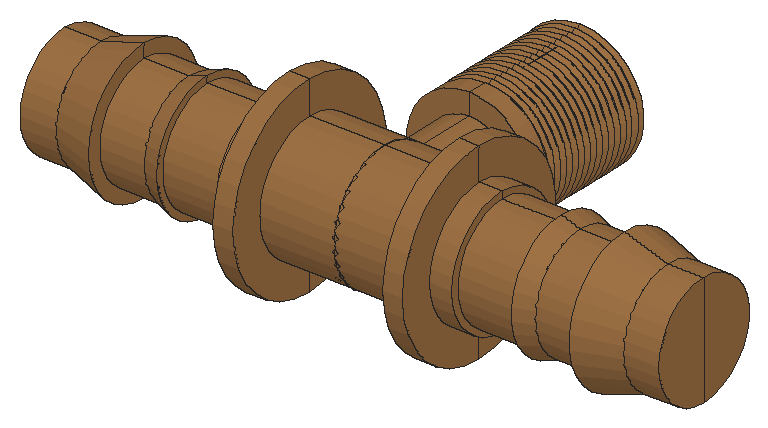
Revit family "XFF-TMA-050", category Conexões de tubo, Revit 2020
Family settings
  Cota do conector redondo = Utilizar diâmetro
  Tipo de parte = Tê
  Com base no plano de trabalho = Não
  Sempre na vertical = Sim
  Corte com vazios quando carregada = Não
  Compartilhado = Não
Parameters (values of type "XFF-TMA-050")
  y = 8.5 mm
  Y2 = 42.5 mm
  R1 = 6.35 mm
  Descrição = RainBird: Description  # "XFF-TMA-050: 17mm Barb x 1/2” MPT x 17mm Barb Tee Male Adapter"
  DTT5 = 26.25 mm
  DTT4 = 1 mm
  DTT3 = 10 mm
  DTT2 = 2 mm
  DTT1 = 3 mm
  DN2 [instance] = 12.7 mm
  URL = "www.rainbird.com"
  SupportProjetos: Review Date = ""  # constant formula
  SupportProjetos: Review = "R00"  # constant formula
  SupportProjetos: Level of Detail = "LOD 300"  # constant formula
  SupportProjetos: Developed = "MICHEL SOARES MOTA"  # constant formula
  SupportProjetos: Creation Date = "07/10/2020"  # constant formula
  RainBird: Product Link = "www.rainbird.com"
  RainBird: Description = "XFF-TMA-050: 17mm Barb x 1/2” MPT x 17mm Barb Tee Male Adapter"
  RainBird: Comment = ""
  RainBird: Code = ""
  Modelo = "XFF-TMA-050"
  Type Image = (empty or 0)
  Default Elevation = 0 mm
  DN1 [instance] = 16.1 mm
  Type Comments = ""
  PVC = PVC - Franklin Electric - Preto
Reference planes
  plane 1 "Centro (Frente/Trás)": y = 0
  plane 2: z = 0
  plane 3 "Centro (Esquerda/Direita)": x = 0
Forms (mm)
  Revolve 1, solid, material "PVC - Franklin Electric - Preto" <- "PVC"
    sketch origin (0, 0, 0) x (1, 0, 0) y (0, 0, 1)
      loop
        arc (0, 9.5) -> (-6.718, 6.718) -> (-9.5, 0) r 9.5
        line (-9.5, 0) -> (48.451, 0) -> (48.451, 8.5) -> (43.055, 8.5) -> (36.451, 10.519) -> (36.451, 8.5) -> (29.673, 8.5) -> (26.884, 9.5) -> (26.884, 8.5) -> (17.885, 8.5) -> (17.885, 9.5) -> (14.385, 9.5) -> (14.385, 14.5) -> (11.385, 14.5) -> (11.385, 9.5) -> (0, 9.5)
      axis (-9.5, 0) -> (48.451, 0)
    angle from 0 to 360
  Revolve 2, solid, material "PVC - Franklin Electric - Preto" <- "PVC"
    sketch origin (0, 0, 0) x (0, 1, 0) y (0, 0, 1)
      loop
        line (0, 6.35) -> (0, 0) -> (19.135, 0) -> (19.135, 6.35) -> (37.143, 6.35) -> (37.143, 9.599) -> (36.591, 9.046) -> (36.038, 9.599) -> (35.465, 9.026) -> (34.892, 9.599) -> (34.34, 9.046) -> (33.787, 9.599) -> (33.214, 9.026) -> (32.641, 9.599) -> (32.089, 9.046) -> (31.536, 9.599) -> (30.963, 9.026) -> (30.39, 9.599) -> (29.838, 9.046) -> (29.285, 9.599) -> (28.712, 9.026) -> (28.139, 9.599) -> (27.587, 9.046) -> (27.034, 9.599) -> (26.461, 9.026) -> (25.888, 9.599) -> (25.336, 9.046) -> (24.783, 9.599) -> (24.21, 9.026) -> (23.637, 9.599) -> (23.085, 9.046) -> (22.532, 9.599) -> (21.959, 9.026) -> (21.386, 9.599) -> (20.834, 9.046) -> (20.281, 9.599) -> (19.708, 9.026) -> (19.135, 9.599) -> (16.135, 9.599) -> (16.135, 6.35) -> (0, 6.35)
      axis (0, 0) -> (37.143, 0)
    angle from 0 to 360
  Revolve 3, solid, material "PVC - Franklin Electric - Preto" <- "PVC"
    sketch origin (0, 0, 0) x (-1, 0, 0) y (0, 0, 1)
      loop
        arc (0, 9.5) -> (-6.718, 6.718) -> (-9.5, 0) r 9.5
        line (-9.5, 0) -> (48.451, 0) -> (48.451, 8.5) -> (43.055, 8.5) -> (36.451, 10.519) -> (36.451, 8.5) -> (29.673, 8.5) -> (26.884, 9.5) -> (26.884, 8.5) -> (17.885, 8.5) -> (17.885, 9.5) -> (14.385, 9.5) -> (14.385, 14.5) -> (11.385, 14.5) -> (11.385, 9.5) -> (0, 9.5)
      axis (-9.5, 0) -> (48.451, 0)
    angle from 0 to 360
Dimensions and locks
  "R1": Revolve 2 sketch curve to level
  aligned and locked: level to plane 2
Automatic sketch dimensions
  Revolve 1 sketch curve to level = 0 mm  (x2)
  Revolve 1 sketch curve to plane 3 "Centro (Esquerda/Direita)" = 0 mm
  Revolve 1 sketch curve to plane 3 "Centro (Esquerda/Direita)" = 9.5 mm
  Revolve 1 sketch curve to Revolve 1 sketch curve = 11.385 mm
  Revolve 1 sketch curve to Revolve 1 sketch curve = 3 mm
  Revolve 1 sketch curve to Revolve 1 sketch curve = 3.5 mm
  Revolve 1 sketch curve to Revolve 1 sketch curve = 8.999 mm
  Revolve 1 sketch curve to Revolve 1 sketch curve = 2.789 mm
  Revolve 1 sketch curve to Revolve 1 sketch curve = 6.779 mm
  level to Revolve 1 sketch curve = 8.5 mm
  Revolve 1 sketch curve to Revolve 1 sketch curve = 6.604 mm
  Revolve 1 sketch curve to Revolve 1 sketch curve = 5.396 mm
  Revolve 1 sketch curve to Revolve 1 sketch curve = 1 mm  (x3)
  Revolve 1 sketch curve to Revolve 1 sketch curve = 0 mm
  Revolve 1 sketch curve to Revolve 1 sketch curve = 2.019 mm
  Revolve 1 sketch curve to Revolve 1 sketch curve = 5 mm
  Revolve 1 sketch curve to Revolve 1 sketch curve = 43 mm
  Revolve 1 sketch curve to Revolve 1 sketch curve = 10.625 mm
  Revolve 3 sketch curve to level = 0 mm  (x2)
  Revolve 3 sketch curve to plane 3 "Centro (Esquerda/Direita)" = 0 mm
  Revolve 3 sketch curve to plane 3 "Centro (Esquerda/Direita)" = 9.5 mm
  Revolve 3 sketch curve to Revolve 3 sketch curve = 11.385 mm
  Revolve 3 sketch curve to Revolve 3 sketch curve = 3 mm
  Revolve 3 sketch curve to Revolve 3 sketch curve = 3.5 mm
  Revolve 3 sketch curve to Revolve 3 sketch curve = 8.999 mm
  Revolve 3 sketch curve to Revolve 3 sketch curve = 2.789 mm
  Revolve 3 sketch curve to Revolve 3 sketch curve = 6.779 mm
  Revolve 3 sketch curve to level = 8.5 mm
  Revolve 3 sketch curve to Revolve 3 sketch curve = 6.604 mm
  Revolve 3 sketch curve to Revolve 3 sketch curve = 5.396 mm
  Revolve 3 sketch curve to Revolve 3 sketch curve = 1 mm  (x3)
  Revolve 3 sketch curve to Revolve 3 sketch curve = 0 mm
  Revolve 3 sketch curve to Revolve 3 sketch curve = 2.019 mm
  Revolve 3 sketch curve to Revolve 3 sketch curve = 5 mm
  Revolve 3 sketch curve to Revolve 3 sketch curve = 43 mm
  Revolve 3 sketch curve to Revolve 3 sketch curve = 10.625 mm
  Revolve 2 sketch curve to level = 0 mm  (x2)
  Revolve 2 sketch curve to plane 1 "Centro (Frente/Trás)" = 0 mm
  level to Revolve 2 sketch curve = 6.35 mm
  Revolve 2 sketch curve to Revolve 2 sketch curve = 16.135 mm
  Revolve 2 sketch curve to Revolve 2 sketch curve = 3 mm  (x2)
  level to Revolve 2 sketch curve = 9.026 mm  (x8)
  Revolve 2 sketch curve to Revolve 2 sketch curve = 0.573 mm  (x2)
  level to Revolve 2 sketch curve = 9.599 mm  (x15)
  level to Revolve 2 sketch curve = 9.046 mm  (x8)
  Revolve 2 sketch curve to Revolve 2 sketch curve = 0.553 mm
  plane 1 "Centro (Frente/Trás)" to Revolve 2 sketch curve = 52.5 mm
  Revolve 2 sketch curve to Revolve 2 sketch curve = 21.932 mm
Connectors
  piping at (17.885, 0, 0), diameter 16.1, driven by "DN1"
    settings: on Revolve 1, index 1, connector inside diameter 609.6 mm, connector length 0 mm, flow factor 0, pipe flow 0.0 L/s, pressure drop 0.0 Pa, fitting loss kfactor 0, connector angle 0.00°, fixture units 0, engagement length 0 mm, angle of deflection 0.00°, flow configuration 0, flow direction 0, fitting loss method 0, system type 7, joint type 0, gender type 0, connector reference index 3, connector utility 0, adjustable connector no, is connector primary yes, connector description ""
  piping at (0, 22.635, 0), diameter 12.7, driven by "DN2"
    settings: on Revolve 2, index 2, connector inside diameter 609.6 mm, connector length 0 mm, flow factor 0, pipe flow 0.0 L/s, pressure drop 0.0 Pa, fitting loss kfactor 0, connector angle 0.00°, fixture units 0, engagement length 0 mm, angle of deflection 0.00°, flow configuration 0, flow direction 0, fitting loss method 0, system type 7, joint type 0, gender type 0, connector reference index -1, connector utility 0, adjustable connector no, is connector primary no, connector description ""
  piping at (-17.885, 0, 0), diameter 16.1, driven by "DN1"
    settings: on Revolve 3, index 3, connector inside diameter 609.6 mm, connector length 0 mm, flow factor 0, pipe flow 0.0 L/s, pressure drop 0.0 Pa, fitting loss kfactor 0, connector angle 0.00°, fixture units 0, engagement length 0 mm, angle of deflection 0.00°, flow configuration 0, flow direction 0, fitting loss method 0, system type 7, joint type 0, gender type 0, connector reference index 1, connector utility 0, adjustable connector no, is connector primary no, connector description ""
